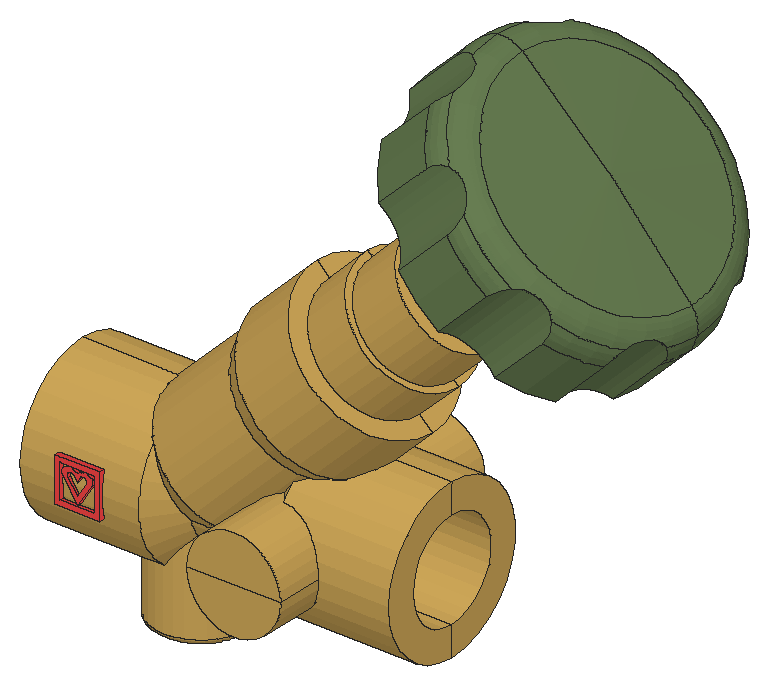
Revit family "Запорный клапан со встроенным обратным клапаном 4126", category Rohrzubehör, Revit 2018
Family settings
  Bemaßung runder Anschluss = Durchmesser verwenden
  Teiletyp = Unterbricht
  OmniClass-Nummer = 23.65.55.14
  OmniClass-Titel = Valves for Liquid Services
  Arbeitsebenenbasiert = Nein
  Immer vertikal = Ja
  Beim Laden mit Abzugskörper schneiden = Nein
  Gemeinsam genutzt = Nein
Parameters
  Шпиндель = "штампованная латунь, CW617N"  # constant formula
  Среда = "питьевая вода"  # constant formula
  Примечание = "В соответствии со статьей 33 Регламента REACH (Registration; Evaluation; Authorisation; Restriction of Chemicals) (EC № 1907/2006) мы обязаны указать, что свинец внесен в список SVHC (Substances of Very High Concern - вещества очень высокой важности) и весовой процент свинца во всех латунных компонентах заводского изготовления в наших изделиях, превышает 0,1 % (w/w) (CAS: 7439-92-1 / EINECS: 231-100-4).\r\nПоскольку свинец является легирующим компонентом сплава, прямое негативное влияние исключается, и поэтому дополнительной информации о безопасном использовании не требуется."
  Область применения = "Для перекрытия трубопроводов системы питьевого водоснабжения и циркуляционных систем в зданиях."
  Номер заказа [instance] = size_lookup("4126_", "Artnr", 0, Nennweite)  # 2412602
  Маховик = "пластик, цвет - зеленый"  # constant formula
  Макс. рабочее давление = 1600000.0 Pa  # constant formula
  Макс. рабочая температура = 80 °C  # constant formula
  Корпус = "литая латунь, устойчивая к селективной цинковой коррозии, CC770S"  # constant formula
  Давление открытия обратного клапана = "согласно DIN EN 13959"  # constant formula
  W01 = 45.00°  # constant formula
  URL = "www.herz-armaturen.ru"
  SW01 = 60.00°  # constant formula
  SC_NennweiteBerechnet = 0
  SC_Dimension = ""
  SCTWSEQ = "FW;SBT_TYP_FW=\"109\";2"
  SCTWCODE = "04;00;02"  # constant formula
  S03 = 60.000 mm  # constant formula
  S02 [instance] = L06 + L09 + L12 + L15  # 95.900 mm
  S01 [instance] = R01 * 2  # 32.000 mm
  R12 [instance] = R01 - 1.000 mm  # 15.000 mm
  R11 [instance] = size_lookup("4126_", "R11", 46.500 mm, Nennweite)  # 5.400 mm
  R100 = 1.000 mm  # constant formula
  R10 [instance] = size_lookup("4126_", "R10", 46.500 mm, Nennweite)  # 8.500 mm
  R09 [instance] = size_lookup("4126_", "R9", 46.500 mm, Nennweite)  # 11.750 mm
  R08 [instance] = size_lookup("4126_", "R8", 46.500 mm, Nennweite)  # 13.000 mm
  R07 [instance] = size_lookup("4126_", "R7", 46.500 mm, Nennweite)  # 16.500 mm
  R06 [instance] = size_lookup("4126_", "R6", 43.000 mm, Nennweite)  # 14.600 mm
  R05 [instance] = Nennweite / 2  # 10.000 mm
  R04 [instance] = size_lookup("4126_", "R4", 11.500 mm, Nennweite)  # 9.500 mm
  R03 = 9.500 mm  # constant formula
  R02 [instance] = Nennweite / 2  # 10.000 mm
  R01 [instance] = size_lookup("4126_", "R1", 11.500 mm, Nennweite)  # 16.000 mm
  Nennweite [instance] = 20.000 mm
  Макс. перепад давления на закрытом седле = 1000000.0 Pa  # constant formula
  L16 [instance] = L01 / 2  # 12.000 mm
  L15 [instance] = size_lookup("4126_", "L15", 12.400 mm, Nennweite)  # 12.400 mm
  L14 [instance] = size_lookup("4126_", "L14", 81.000 mm, Nennweite)  # 8.000 mm
  L12 [instance] = size_lookup("4126_", "L12", 81.000 mm, Nennweite)  # 33.500 mm
  L11 [instance] = size_lookup("4126_", "L11", 60.000 mm, Nennweite)  # 12.500 mm
  L10 [instance] = size_lookup("4126_", "L10", 20.000 mm, Nennweite)  # 11.000 mm
  L09 [instance] = size_lookup("4126_", "L9", 11.000 mm, Nennweite)  # 15.500 mm
  L08 [instance] = size_lookup("4126_", "L8", 35.000 mm, Nennweite)  # 30.100 mm
  L07 [instance] = size_lookup("4126_", "L7", 35.000 mm, Nennweite)  # 13.500 mm
  L06 [instance] = size_lookup("4126_", "L6", 118.000 mm, Nennweite) - L09  # 34.500 mm
  L05 [instance] = size_lookup("4126_", "L5", 44.000 mm, Nennweite)  # 26.500 mm
  L04 [instance] = size_lookup("4126_", "L4", 45.000 mm, Nennweite)  # 25.500 mm
  L03 = 15.000 mm  # constant formula
  L02 [instance] = size_lookup("4126_", "L2", 22.000 mm, Nennweite)  # 8.000 mm
  L01 [instance] = size_lookup("4126_", "L1", 48.000 mm, Nennweite)  # 24.000 mm
  L00 [instance] = size_lookup("4126_", "L", 180.000 mm, Nennweite)  # 75.000 mm
  Конус = "штампованная латунь, CW617N"  # constant formula
  Hersteller = "HERZ Armaturen Ges.m.b.H."  # constant formula
  H01 [instance] = size_lookup("4126_", "H1", 53.000 mm, Nennweite)  # 26.400 mm
  Незапланированные повышения температуры = "до  95 °C, продолжительностью не более 1 часа"  # constant formula
  DN50 [instance] = Nennweite = 50.000 mm  # no
  DN40 [instance] = Nennweite = 40.000 mm  # no
  DN32 [instance] = Nennweite = 32.000 mm  # no
  DN25-DN50 [instance] = or(Nennweite = 25.000 mm, Nennweite = 32.000 mm, Nennweite = 40.000 mm, Nennweite = 50.000 mm)  # no
  DN25 [instance] = Nennweite = 25.000 mm  # no
  DN20 [instance] = Nennweite = 20.000 mm  # yes
  DN15 [instance] = Nennweite = 15.000 mm  # no
Reference planes
  plane 1 "Mitte (Vorne/hinten)": y = 0
  plane 2: z = 0
  plane 3 "Mitte (Links/rechts)": x = 0
Forms (mm)
  Revolve 1, solid, material "Messing, weicher Gelbton, geschweißt", detail levels fine
    sketch origin (470, 0, 0) x (1, 0, 0) y (0, 0, 1)
      loop
        line (-507.5, 10) -> (-492.5, 10) -> (-492.5, 0) -> (-447.5, 0) -> (-447.5, 10) -> (-432.5, 10) -> (-432.5, 16) -> (-456.5, 16) -> (-462, 10) -> (-478, 10) -> (-483.5, 16) -> (-507.5, 16) -> (-507.5, 10)
      axis (-507.5, 0) -> (-432.5, 0)
    angle from 0 to 360
  Revolve 2, solid, material "Messing, weicher Gelbton, geschweißt", detail levels fine
    sketch origin (470, 0, 0) x (1, 0, 0) y (0, 0, 1)
      loop
        line (-493, 0) -> (-493, -25.4)
        arc (-493, -25.4) -> (-492.707, -26.107) -> (-492, -26.4) r 1
        line (-492, -26.4) -> (-483.5, -26.4) -> (-483.5, 0) -> (-493, 0)
      axis (-483.5, 0) -> (-483.5, -26.4)
    angle from 0 to 360
  Revolve 3, solid, material "Messing, weicher Gelbton, geschweißt", detail levels fine
    sketch origin (0, 0, 0) x (1, 0, 0) y (0, 1, 0)
      loop
        line (13.5, -25.5) -> (23, -25.5) -> (23, 26.5) -> (13.5, 26.5) -> (13.5, -25.5)
      axis (13.5, -25.5) -> (13.5, 26.5)
    angle from 0 to 360
  Revolve 4, solid, material "Messing, weicher Gelbton, geschweißt", visible <- "DN25-DN50", detail levels fine
    sketch origin (-470, 0, 0) x (-1, 0, 0) y (0, 0, 1)
      loop
        line (-493, 0) -> (-493, -25.4)
        arc (-493, -25.4) -> (-492.707, -26.107) -> (-492, -26.4) r 1
        line (-492, -26.4) -> (-483.5, -26.4) -> (-483.5, 0) -> (-493, 0)
      axis (-483.5, 0) -> (-483.5, -26.4)
    angle from 0 to 360
  Revolve 5, solid, material "Messing, weicher Gelbton, geschweißt", detail levels fine
    sketch origin (0.32, 0, -0.105) x (1, 0, 0) y (0, 0, 1)
      loop
        line (-13.82, 0) -> (53.991, 67.812) -> (50.173, 71.63) -> (41.405, 62.862) -> (39.213, 65.054) -> (32.142, 57.983) -> (29.844, 60.281) -> (21.005, 51.442) -> (20.121, 52.326) -> (12.343, 44.548) -> (9.868, 47.023) -> (-1.092, 36.062) -> (-2.86, 31.608) -> (-18.487, 15.981) -> (-20.891, 7.071) -> (-13.82, 0)
      axis (-13.82, 0) -> (53.991, 67.812)
    angle from 0 to 360
Lines and regions (mm)
  model lines, detail levels coarse+medium
    curve 1: line (-37.5, 0, 16) -> (-37.5, 0, -16)
    curve 2: line (-37.5, 0, -16) -> (37.5, 0, 16)
    curve 3: line (37.5, 0, 16) -> (37.5, 0, -16)
    curve 4: line (37.5, 0, -16) -> (-37.5, 0, 16)
    curve 5: line (0, 0, 0) -> (47.95, 0, 83.052)
    curve 6: line (21.969, 0, 98.052) -> (73.931, 0, 68.052)
    curve 7: line (-37.5, -16, 0) -> (-37.5, 16, 0)
    curve 8: line (-37.5, 16, 0) -> (37.5, -16, 0)
    curve 9: line (37.5, -16, 0) -> (37.5, 16, 0)
    curve 10: line (37.5, 16, 0) -> (-37.5, -16, 0)
    curve 11: line (0, 0, 0) -> (47.95, 83.052, 0)
    curve 12: line (21.969, 98.052, 0) -> (73.931, 68.052, 0)
Dimensions and locks
  "H01": plane 2 to Revolve 2 sketch curve
  "L00": Revolve 1 sketch curve to Revolve 1 sketch curve
  equal spacing: Revolve 1 sketch curve, plane 3 "Mitte (Links/rechts)", Revolve 1 sketch curve
  "R01": Revolve 1 sketch curve to Revolve 1 sketch curve  (x2)
  "R02": Revolve 1 sketch curve to Revolve 1 sketch curve  (x3)
  "L01": Revolve 1 sketch curve to Revolve 1 sketch curve  (x2)
  "L02": plane 3 "Mitte (Links/rechts)" to Revolve 1 sketch curve
  "L02": Revolve 1 sketch curve to plane 3 "Mitte (Links/rechts)"
  "L03": Revolve 1 sketch curve to Revolve 1 sketch curve  (x2)
  "L01": Revolve 1 to Revolve 2 sketch curve
  "R03": Revolve 2 sketch curve to Revolve 2 sketch curve
  "L01": Revolve 4 sketch curve to Revolve 1
  "R03": Revolve 4 sketch curve to Revolve 4 sketch curve
  "H01": plane 2 to Revolve 4 sketch curve
  "L04": Revolve 3 sketch curve to plane 1 "Mitte (Vorne/hinten)"
  "L05": plane 1 "Mitte (Vorne/hinten)" to Revolve 3 sketch curve
  "R04": Revolve 3 sketch curve to Revolve 3 sketch curve
  "L01": Revolve 3 sketch curve to Revolve 1
  "R07": Revolve 5 sketch curve to Revolve 5 sketch curve
  "L07": plane 3 "Mitte (Links/rechts)" to Revolve 5 sketch curve
  "R05": Revolve 5 sketch curve to Revolve 5 sketch curve
  "L06": Revolve 5 sketch curve to Revolve 5 sketch curve
  "L08": Revolve 5 sketch curve to Revolve 5 sketch curve
  "R06": Revolve 5 sketch curve to Revolve 5 sketch curve
  "L14": Revolve 5 sketch curve to Revolve 5 sketch curve
  "L09": Revolve 5 sketch curve to Revolve 5 sketch curve
  "R08": Revolve 5 sketch curve to Revolve 5 sketch curve
  "L10": Revolve 5 sketch curve to Revolve 5 sketch curve
  "R09": Revolve 5 sketch curve to Revolve 5 sketch curve
  "R10": Revolve 5 sketch curve to Revolve 5 sketch curve
  "L12": Revolve 5 sketch curve to Revolve 5 sketch curve
  "R11": Revolve 5 sketch curve to Revolve 5 sketch curve
  "L15": Revolve 5 sketch curve to Revolve 5 sketch curve
  "L11": Revolve 5 sketch curve to Revolve 5 sketch curve
  "R12": nested 7 to plane 1 "Mitte (Vorne/hinten)"
  "L16": Revolve 1 to nested 7
  "L00": curve 1 to curve 3
  "S01": curve 4 to curve 2
  "S01": curve 3 to curve 4
  equal spacing: curve 4, plane 2, curve 2
  equal spacing: curve 3, plane 2, curve 4
  "S02": curve 5 to curve 5
  equal spacing: curve 6, curve 5, curve 6
  "S03": curve 6 to curve 6
  "L00": curve 7 to curve 9
  "S01": curve 10 to curve 8
  curve 9 to curve 10 = 32.000 mm
  equal spacing: curve 12, curve 11, curve 12
  "S03": curve 12 to curve 12
  "S02": curve 11 to curve 11
  equal spacing: curve 10, plane 1 "Mitte (Vorne/hinten)", curve 8
  equal spacing: curve 9, plane 1 "Mitte (Vorne/hinten)", curve 10
  equal spacing: curve 7, plane 3 "Mitte (Links/rechts)", curve 9
  equal spacing: Revolve 1, curve 5, Revolve 1
  equal spacing: curve 7, curve 11, Revolve 1
  equal spacing: curve 1, plane 3 "Mitte (Links/rechts)", curve 3
  "R100": radius of Revolve 2 sketch curve
  "R100": radius of Revolve 4 sketch curve
  "W01": angle plane 2 to Revolve 5 sketch curve
  "W01": angle level to Revolve 5 sketch curve
  "SW01": angle plane 2 to curve 5
  "SW01": angle plane 1 "Mitte (Vorne/hinten)" to curve 11
  aligned and locked: level to plane 2
Automatic sketch dimensions
  curve 5 to level = 0.000 mm
  plane 1 "Mitte (Vorne/hinten)" to curve 11 = 0.000 mm
  Revolve 1 sketch curve to level = 0.000 mm  (x2)
  Revolve 1 sketch curve to Revolve 1 sketch curve = 791.990 mm
  Revolve 1 sketch curve to Revolve 1 sketch curve = 2278.983 mm
  Revolve 2 sketch curve to level = 0.000 mm  (x2)
  Revolve 2 sketch curve to Revolve 2 sketch curve = 0.000 mm
  Revolve 2 sketch curve to Revolve 2 sketch curve = 0.292 mm
  Revolve 3 sketch curve to Revolve 3 sketch curve = 0.000 mm  (x3)
  Revolve 4 sketch curve to level = 0.000 mm  (x2)
  Revolve 4 sketch curve to Revolve 4 sketch curve = 0.000 mm
  Revolve 4 sketch curve to Revolve 4 sketch curve = 0.292 mm
  Revolve 5 sketch curve to level = 0.105 mm
  Revolve 5 sketch curve to Revolve 5 sketch curve = 0.000 mm  (x2)
Nested families
  nested 1: "Strömax-Handrad_Schrägsitz (Grün)" at (42.584, 0, 54.979), visible <- "DN15", type "Strömax-Handrad_Schrägsitz (Grün)", detail levels fine
    with Nennweite 0.000 mm, Gewicht 0.00 kg, Bestellnummer 0
  nested 2: "Strömax-Handrad_Schrägsitz (Grün)" at (54.312, 0, 67.707), visible <- "DN20", type "Strömax-Handrad_Schrägsitz (Grün)", detail levels fine
    with Nennweite 0.000 mm, Gewicht 0.00 kg, Bestellnummer 0
  nested 3: "Strömax-Handrad_Schrägsitz (Grün)" at (62.469, 0, 80.364), visible <- "DN25", type "Strömax-Handrad_Schrägsitz (Grün)", detail levels fine
    with Nennweite 0.000 mm, Gewicht 0.00 kg, Bestellnummer 0
  nested 4: "Strömax-Handrad_Schrägsitz (Grün)" at (71.712, 0, 91.607), visible <- "DN32", type "Strömax-Handrad_Schrägsitz (Grün)", detail levels fine
    with Nennweite 0.000 mm, Gewicht 0.00 kg, Bestellnummer 0
  nested 5: "Strömax-Handrad_Schrägsitz (Grün)" at (80.399, 0, 101.294), visible <- "DN40", type "Strömax-Handrad_Schrägsitz (Grün)", detail levels fine
    with Nennweite 0.000 mm, Gewicht 0.00 kg, Bestellnummer 0
  nested 6: "Strömax-Handrad_Schrägsitz (Grün)" at (97.83, 0, 129.225), visible <- "DN50", type "Strömax-Handrad_Schrägsitz (Grün)", detail levels fine
    with Nennweite 0.000 mm, Gewicht 0.00 kg, Bestellnummer 0
  nested 7: "Herz-Logo-vorne" at (-25.5, -15.732, 0) x (0, 1, 0) z (0, 0, 1), type "Herz-Logo-vorne", detail levels fine
Connectors
  piping at (-22.5, 0, 0), diameter 20, driven by "Nennweite"
    settings: on Revolve 1, index 1, connector inside diameter 609.6 mm, connector length 0.000 mm, flow factor 0, pipe flow 0.0 L/s, pressure drop 0.0 Pa, fitting loss kfactor 0, connector angle 0.00°, fixture units 0, engagement length 0.000 mm, angle of deflection 0.00°, flow configuration 0, flow direction 1, fitting loss method 0, system type 29, joint type 0, gender type 0, connector reference index -1, connector utility 0, adjustable connector no, is connector primary yes, connector description ""
  piping at (22.5, 0, 0), diameter 20, driven by "Nennweite"
    settings: on Revolve 1, index 2, connector inside diameter 609.6 mm, connector length 0.000 mm, flow factor 0, pipe flow 0.0 L/s, pressure drop 0.0 Pa, fitting loss kfactor 0, connector angle 0.00°, fixture units 0, engagement length 0.000 mm, angle of deflection 0.00°, flow configuration 0, flow direction 2, fitting loss method 0, system type 29, joint type 0, gender type 0, connector reference index -1, connector utility 0, adjustable connector no, is connector primary no, connector description ""
Definition of nested family "Strömax-Handrad_Schrägsitz (Grün)"
  Parameters (values of type "Strömax-Handrad_Schrägsitz (Grün)")
    URL = "www.herz-armaturen.at"
    Nennweite [instance] = 0.000 mm
    Manufacturer = "Herz Armaturen GmbH"  # constant formula
    Gewicht [instance] = 0.00 kg
    Bestellnummer [instance] = 0
  Reference planes
    plane 1 "Mitte (Vorne/hinten)": y = 0
    plane 2: z = 0
    plane 3 "Mitte (Links/rechts)": x = 0
  Forms (mm)
    Revolve 1, solid
      sketch origin (0, 0, 0) x (0.707107, 0, -0.707107) y (0.707107, 0, 0.707107)
        loop
          line (0, 0) -> (0, 22)
          arc (0, 22) -> (-12.15, 21.705) -> (-24.271, 20.819) r 250
          arc (-24.271, 20.819) -> (-26.831, 19.959) -> (-28.754, 18.063) r 6
          arc (-28.754, 18.063) -> (-29.682, 16.008) -> (-30, 13.776) r 8
          line (-30, 13.776) -> (-30, 0) -> (0, 0)
        axis (0, 22) -> (0, 0)
      angle from 0 to 360
    Extrusion 2, void
      sketch origin (0, 0, 0) x (0.707107, 0, -0.707107) y (0, 1, 0)
        loop
          circle (14.351, -34.645) r 10
      from 0 to 22
    Extrusion 3, void
      sketch origin (0, 0, 0) x (-0.707107, 0, 0.707107) y (0, -1, 0)
        loop
          circle (14.351, 34.645) r 10
      from 0 to 22
    Extrusion 4, void
      sketch origin (0, 0, 0) x (0, -1, 0) y (0.707107, 0, -0.707107)
        loop
          circle (14.351, 34.645) r 10
      from 0 to 22
    Extrusion 5, void
      sketch origin (0, 0, 0) x (0, 1, 0) y (-0.707107, 0, 0.707107)
        loop
          circle (14.351, -34.645) r 10
      from 0 to 22
    Extrusion 6, void
      sketch origin (0, 0, 0) x (0, -1, 0) y (0.707107, 0, -0.707107)
        loop
          circle (14.351, -34.645) r 10
      from 0 to 22
    Extrusion 7, void
      sketch origin (0, 0, 0) x (0, 1, 0) y (-0.707107, 0, 0.707107)
        loop
          circle (14.351, 34.645) r 10
      from 0 to 22
    Extrusion 8, void
      sketch origin (0, 0, 0) x (0.707107, 0, -0.707107) y (0, 1, 0)
        loop
          circle (14.351, 34.645) r 10
      from 0 to 22
    Extrusion 9, void
      sketch origin (0, 0, 0) x (-0.707107, 0, 0.707107) y (0, -1, 0)
        loop
          circle (14.351, -34.645) r 10
      from 0 to 22
  Cuts and joins
    Extrusion 2, Extrusion 3, Extrusion 4, Extrusion 5, Extrusion 6, Extrusion 7, Extrusion 8, Extrusion 9 cuts Revolve 1
  Dimensions and locks
    aligned and locked: level to plane 2
Definition of nested family "Herz-Logo-vorne"
  Reference planes
    plane 1 "Mitte (Vorne/hinten)": y = 0
    plane 2: z = 0
    plane 3 "Mitte (Links/rechts)": x = 0
  Forms (mm)
    Extrusion 1, solid
      sketch origin (0.732, -0.018, 0.017) x (0, -1, 0) y (0, 0, 1)
        loop
          line (-0.018, -4.517) -> (4.482, -4.517) -> (4.482, 4.483) -> (-4.518, 4.483) -> (-4.518, -4.517) -> (-0.018, -4.517)
        loop
          line (-0.05, -3.48) -> (3.482, -3.48) -> (3.482, 3.483) -> (-3.518, 3.483) -> (-3.518, -3.48) -> (-0.05, -3.48)
        loop
          arc (-0.018, 2.383) -> (-1.543, 3.287) -> (-3.067, 2.383) r 1.738
          arc (-3.067, 2.383) -> (-3.191, 1.899) -> (-3.067, 1.415) r 1.009
          line (-3.067, 1.415) -> (-0.018, -3.281) -> (3.032, 1.415)
          arc (3.032, 1.415) -> (3.156, 1.899) -> (3.032, 2.383) r 1.009
          arc (3.032, 2.383) -> (1.507, 3.287) -> (-0.018, 2.383) r 1.738
        loop
          arc (1.885, 1.272) -> (2.005, 1.675) -> (1.885, 2.079) r 0.74
          arc (1.885, 2.079) -> (1.265, 2.416) -> (0.644, 2.079) r 0.74
          line (0.644, 2.079) -> (-0.018, 0.97) -> (-0.679, 2.079)
          arc (-0.679, 2.079) -> (-1.3, 2.416) -> (-1.921, 2.079) r 0.74
          arc (-1.921, 2.079) -> (-2.04, 1.675) -> (-1.921, 1.272) r 0.74
          line (-1.921, 1.272) -> (-0.018, -1.658) -> (1.885, 1.272)
      from 0 to 1.5
  Dimensions and locks
    aligned and locked: level to plane 2
